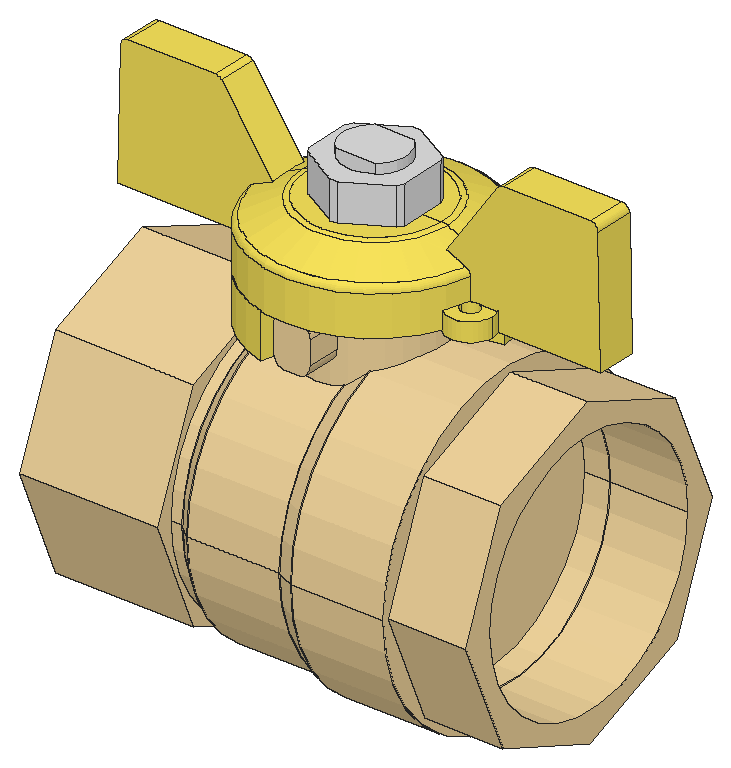
Revit family "Temper_83_КранШаровый-ВВ_Бабочка_GAS", category Арматура трубопроводов, Revit 2019
Family settings
  Размер круглого соединителя = Использовать диаметр
  Тип детали = Вставляется
  На основе рабочей плоскости = Нет
  Всегда вертикально = Да
  При загрузке вырезать с полостями = Нет
  Общий = Нет
Parameters (values of type "DN 25")
  Угол [instance] = 135.00°  # constant formula
  ТВ1 = "temper"  # constant formula
  ТВ = "ВВ"  # constant formula
  Разработчик = "https://3dbim.pro/"
  Изготовитель = "ООО «ТД «Темпер»"  # constant formula
  Длина УГО [instance] = L - S1 - S2  # 32 mm
  K [instance] = size_lookup(ТВ, "SW", 10 mm, ADSK_Диаметр условный)  # 38.25 mm
  S2 [instance] = size_lookup(ТВ1, "C", 10 mm, ADSK_Диаметр условный, N)  # 14 mm
  S1 [instance] = size_lookup(ТВ1, "C", 10 mm, ADSK_Диаметр условный, N)  # 14 mm
  N = 1  # constant formula
  L7 [instance] = size_lookup(ТВ, "L7", 10 mm, ADSK_Диаметр условный)  # 10.5 mm
  L6 [instance] = (L - L1 - L2 - L3 - L5 - L7) / 2  # 12.45 mm
  L5 [instance] = size_lookup(ТВ, "L5", 10 mm, ADSK_Диаметр условный)  # 2.5 mm
  L4 [instance] = L6  # 12.45 mm
  L3 [instance] = size_lookup(ТВ, "L3", 10 mm, ADSK_Диаметр условный)  # 1.9 mm
  L2 [instance] = size_lookup(ТВ, "L2", 10 mm, ADSK_Диаметр условный)  # 1.6 mm
  L1 [instance] = size_lookup(ТВ, "L1", 10 mm, ADSK_Диаметр условный)  # 18.6 mm
  L [instance] = size_lookup(ТВ1, "L", 10 mm, ADSK_Диаметр условный, N)  # 60 mm
  G [instance] = size_lookup(ТВ, "G", 10 mm, ADSK_Диаметр условный)  # 33.5 mm
  F [instance] = size_lookup(ТВ, "F", 10 mm, ADSK_Диаметр условный)  # 20 mm
  ET2 [instance] = 0.21 * ET  # 9.03 mm
  ET1 [instance] = if(ADSK_Диаметр условный < 25 mm, 0.43 * ET, if(ADSK_Диаметр условный < 32 mm, 0.38 * ET, 0.36 * ET))  # 16.34 mm
  ET [instance] = size_lookup(ТВ1, "B", 10 mm, ADSK_Диаметр условный, N)  # 43 mm
  E [instance] = size_lookup(ТВ, "E", 10 mm, ADSK_Диаметр условный)  # 31.25 mm
  D3 [instance] = size_lookup(ТВ, "D3", 10 mm, ADSK_Диаметр условный)  # 43 mm
  D2 [instance] = size_lookup(ТВ, "D2", 10 mm, ADSK_Диаметр условный)  # 40.5 mm
  D1 [instance] = size_lookup(ТВ, "D1", 10 mm, ADSK_Диаметр условный)  # 37.25 mm
  ADSK_Этаж [instance] = ""
  ADSK_Расход жидкости [instance] = 0.0 L/s
  ADSK_Примечание [instance] = ""
  ADSK_Потеря давления жидкости [instance] = 0.0 Pa
  ADSK_Позиция = ""
  ADSK_Обозначение = "ГОСТ Р 59553-2021"  # constant formula
  ADSK_Наименование краткое = "Кран шаровой латунный Temper"  # constant formula
  ADSK_Наименование = size_lookup(ТВ1, "ADSK_Наименование", "", ADSK_Диаметр условный, N)  # "Кран шаровый латунный Temper для газа  DN25 (1”) PN40 внутренняявнутренняя бабочка GAS"
  ADSK_Материал = Латунь ЛС59-1В
  ADSK_Масса_Текст = size_lookup(ТВ1, "ADSK_Масса_Текст", "", ADSK_Диаметр условный, N)  # "0.311"
  ADSK_Масса = size_lookup(ТВ1, "ADSK_Масса", 0, ADSK_Диаметр условный, N)  # 0.311
  ADSK_Марка = size_lookup(ТВ1, "ADSK_Код изделия", "", ADSK_Диаметр условный, N)  # "8325ВВБ140"
  ADSK_Количество = 1  # constant formula
  ADSK_Код изделия = size_lookup(ТВ1, "ADSK_Код изделия", "", ADSK_Диаметр условный, N)  # "8325ВВБ140"
  ADSK_Зона [instance] = ""
  ADSK_Завод-изготовитель = "ООО «ТД «Темпер»"  # constant formula
  ADSK_Единица измерения = "шт."  # constant formula
  ADSK_Диаметр условный = 25 mm
  ADSK_Группирование [instance] = ""
  ADSK_Версия семейства = "v1.0"  # constant formula
  ADSK_Версия Revit = "2019"  # constant formula
  ADSK_URL страницы изделия = "https://brass.temper.ru/en"
  ADSK_URL документации изделия = "https://brass.temper.ru/en"
Types (5, lengths in mm): name | Длина УГО | K | S2 | S1 | L7 | L6 | L5 | L4 | L3 | L2 | L1 | L | G | F | ET2 | ET1 | ET | E | D3 | D2 | D1 | ADSK_Наименование | ADSK_Масса_Текст | ADSK_Масса | ADSK_Марка | ADSK_Код изделия | ADSK_Диаметр условный
  (no name) | 32 | 38.25 | 14 | 14 | 10.5 | 12.45 | 2.5 | 12.45 | 1.9 | 1.6 | 18.6 | 60 | 33.5 | 20 | 9.03 | 16.34 | 43 | 31.25 | 43 | 40.5 | 37.25 | "Кран шаровый латунный Temper для газа  DN25 (1”) PN40 внутренняявнутренняя бабочка GAS" | "0.311" | 0.311 | "8325ВВБ140" | "8325ВВБ140" | 25
  DN 15 | 27 | 25.5 | 11 | 11 | 9.5 | 10.75 | 2.6 | 10.75 | 1.5 | 2 | 11.9 | 49 | 21.5 | 15.75 | 7.875 | 16.125 | 37.5 | 23.75 | 29.5 | 26.8 | 24.5 | "Кран шаровый латунный Temper для газа DN15 (12”) PN40 внутренняявнутренняя бабочка GAS" | "0.146" | 0.146 | "8315ВВБ1240" | "8315ВВБ1240" | 15
  DN 20 | 28.5 | 31.5 | 12 | 12 | 9.7 | 11.05 | 2.6 | 11.05 | 1.6 | 1.9 | 14.6 | 52.5 | 26.5 | 15.75 | 8.295 | 16.985 | 39.5 | 26.5 | 35.5 | 32.75 | 30 | "Кран шаровый латунный Temper для газа DN20 (34”) PN40 внутренняявнутренняя бабочка GAS" | "0.201" | 0.201 | "8320ВВБ3440" | "8320ВВБ3440" | 20
  DN 32 | 41 | 47.5 | 14 | 14 | 12.5 | 13.5 | 3.4 | 13.5 | 2.6 | 4.5 | 19 | 69 | 42 | 21 | 10.395 | 17.82 | 49.5 | 35.45 | 54 | 50.5 | 46.1 | "Кран шаровый латунный Temper для газа DN32 (1 14”) PN25 внутренняявнутренняя бабочка GAS" | "0.555" | 0.555 | "8332ВВБ11425" | "8332ВВБ11425" | 32
  DN 25 | 32 | 38.25 | 14 | 14 | 10.5 | 12.45 | 2.5 | 12.45 | 1.9 | 1.6 | 18.6 | 60 | 33.5 | 20 | 9.03 | 16.34 | 43 | 31.25 | 43 | 40.5 | 37.25 | "Кран шаровый латунный Temper для газа  DN25 (1”) PN40 внутренняявнутренняя бабочка GAS" | "0.311" | 0.311 | "8325ВВБ140" | "8325ВВБ140" | 25
Reference planes
  plane 1 "По центру (Вперед/Назад)": y = 0
  plane 2: z = 0
  plane 3 "По центру (Влево/Вправо)": x = 0
  plane 4: x = -31.25
  plane 5: x = 28.75
  plane 6: x = -12.65
  plane 7: x = -11.05
  plane 8: x = -9.15
  plane 9: x = 3.3
  plane 10: x = 5.8
  plane 11: x = 18.25
  plane 12: x = -17.25
  plane 13: x = 14.75
  plane 14: z = 26.66
  plane 15: z = 43
Forms (mm)
  Extrusion 1, solid, material "Латунь ЛС59-1В" <- "ADSK_Материал", detail levels fine
    sketch origin (-18.841, 0, -5.999) x (0, 1, 0) y (0, 0, 1)
      loop
        circle (0, 5.999) r 18.625
    from 6.191 to 7.791
  Extrusion 2, solid, material "Латунь ЛС59-1В" <- "ADSK_Материал", detail levels fine
    sketch origin (-18.841, -37.917, 10.096) x (0, 1, 0) y (0, 0, 1)
      loop
        circle (37.917, -10.096) r 20.25
    from 9.691 to 22.141
  Extrusion 3, solid, material "Латунь ЛС59-1В" <- "ADSK_Материал", detail levels fine
    sketch origin (-18.841, -79.208, 7.932) x (0, 1, 0) y (0, 0, 1)
      loop
        circle (79.208, -7.932) r 21.5
    from 24.641 to 37.091
  Blend 4, solid, material "Латунь ЛС59-1В" <- "ADSK_Материал", detail levels fine
    base sketch origin (-18.841, 0, -5.999) x (0, 1, 0) y (0, 0, 1)
      loop
        circle (0, 5.999) r 18.625
    top sketch origin (-18.841, 0, -5.999) x (0, 1, 0) y (0, 0, 1)
      loop
        circle (0, 5.999) r 20.25
    from 7.791 to 9.691
  Blend 5, solid, material "Латунь ЛС59-1В" <- "ADSK_Материал", detail levels fine
    base sketch origin (-18.841, -33.951, 12.82) x (0, 1, 0) y (0, 0, 1)
      loop
        circle (33.951, -12.82) r 21.5
    top sketch origin (-18.841, -33.951, 12.82) x (0, 1, 0) y (0, 0, 1)
      loop
        circle (33.951, -12.82) r 20.25
    from 24.641 to 22.141
  Extrusion 6, solid, material "Латунь ЛС59-1В" <- "ADSK_Материал", detail levels fine
    sketch origin (0, 0, 0) x (1, 0, 0) y (0, 1, 0)
      loop
        circle (0, 0) r 10
    from 0 to 26.66
  Extrusion 7, solid, material "Латунь ЛС59-1В" <- "ADSK_Материал", detail levels fine
    sketch origin (-0.106, -0.025, -0.026) x (0, 1, 0) y (0, 0, 1)
      loop
        line (-14.617, 14.659) -> (-20.675, 0.02) -> (-14.608, -14.616) -> (0.031, -20.675) -> (14.667, -14.608) -> (20.726, 0.032) -> (14.659, 14.668) -> (0.019, 20.726) -> (-14.617, 14.659)
    from -31.144 to -12.544
  Extrusion 8, solid, material "Латунь ЛС59-1В" <- "ADSK_Материал", detail levels fine
    sketch origin (87.39, -0.618, -0.151) x (0, 1, 0) y (0, 0, 1)
      loop
        line (-14.125, 14.681) -> (-20.082, 0) -> (-13.912, -14.593) -> (0.769, -20.55) -> (15.362, -14.38) -> (21.319, 0.301) -> (15.149, 14.895) -> (0.468, 20.851) -> (-14.125, 14.681)
    from -69.14 to -58.64
  Extrusion 9, void
    sketch origin (0, 0, 0) x (0, 1, 0) y (0, 0, 1)
      loop
        circle (0, 0) r 16.75
    from -31.25 to -17.25
  Extrusion 10, void
    sketch origin (0, 0, 0) x (0, 1, 0) y (0, 0, 1)
      loop
        circle (0, 0) r 16.75
    from 14.75 to 28.75
Cuts and joins
  Extrusion 9, Extrusion 10 cuts Extrusion 2
  Extrusion 9, Extrusion 10 cuts Extrusion 3
  Extrusion 9, Extrusion 10 cuts Blend 5
  Extrusion 9, Extrusion 10 cuts Extrusion 6
  Extrusion 9, Extrusion 10 cuts Extrusion 8
  Extrusion 9 cuts Extrusion 7
Dimensions and locks
  "E": plane 3 "По центру (Влево/Вправо)" to plane 4
  plane 5 to plane 3 "По центру (Влево/Вправо)" = 28.75 mm
  "S1": plane 12 to plane 4
  "S2": plane 5 to plane 13
  "L1": plane 6 to plane 4
  "L2": plane 7 to plane 6
  "L3": plane 8 to plane 7
  "L4": plane 9 to plane 8
  "L5": plane 10 to plane 9
  "L6": plane 11 to plane 10
  "L7": plane 5 to plane 11
  "K": Extrusion 7 sketch curve to Extrusion 7 sketch curve  (x4)
  equal spacing: Extrusion 7 sketch curve, plane 1 "По центру (Вперед/Назад)", Extrusion 7 sketch curve  (x4)
  "K": Extrusion 8 sketch curve to Extrusion 8 sketch curve  (x4)
  equal spacing: Extrusion 8 sketch curve, plane 1 "По центру (Вперед/Назад)", Extrusion 8 sketch curve  (x4)
  "ET": plane 15 to plane 2
  "ET1": plane 15 to plane 14
  plane 5 to plane 4 = 60 mm
  "D1": diameter of Extrusion 1 sketch curve
  "D2": diameter of Extrusion 2 sketch curve
  "D3": diameter of Extrusion 3 sketch curve
  "D1": diameter of Blend 4 sketch curve
  "D2": diameter of Blend 4 sketch curve
  "D3": diameter of Blend 5 sketch curve
  "D2": diameter of Blend 5 sketch curve
  "F": diameter of Extrusion 6 sketch curve
  "G": diameter of Extrusion 9 sketch curve
  "G": diameter of Extrusion 10 sketch curve
  angle Extrusion 7 sketch curve to Extrusion 7 sketch curve = 135.00°  (x8)
  angle Extrusion 8 sketch curve to Extrusion 8 sketch curve = 135.00°  (x8)
  aligned and locked: level to plane 2
  aligned and locked: plane 2 to Extrusion 1 sketch curve
  aligned and locked: plane 1 "По центру (Вперед/Назад)" to Extrusion 1 sketch curve
  aligned and locked: level to Blend 4 sketch curve  (x2)
  aligned and locked: plane 1 "По центру (Вперед/Назад)" to Blend 4 sketch curve  (x2)
  aligned and locked: level to Extrusion 2 sketch curve
  aligned and locked: plane 1 "По центру (Вперед/Назад)" to Extrusion 2 sketch curve
  aligned and locked: level to Blend 5 sketch curve  (x2)
  aligned and locked: plane 1 "По центру (Вперед/Назад)" to Blend 5 sketch curve  (x2)
  aligned and locked: level to Extrusion 3 sketch curve
  aligned and locked: plane 1 "По центру (Вперед/Назад)" to Extrusion 3 sketch curve
  aligned and locked: Extrusion 1 to plane 6
  aligned and locked: plane 7 to Extrusion 1
  aligned and locked: Blend 4 to plane 7
  aligned and locked: plane 8 to Blend 4
  aligned and locked: Extrusion 2 to plane 8
  aligned and locked: plane 9 to Extrusion 2
  aligned and locked: Blend 5 to plane 9
  aligned and locked: plane 10 to Blend 5
  aligned and locked: Extrusion 3 to plane 10
  aligned and locked: plane 11 to Extrusion 3
  aligned and locked: plane 1 "По центру (Вперед/Назад)" to Extrusion 6 sketch curve
  aligned and locked: plane 3 "По центру (Влево/Вправо)" to Extrusion 6 sketch curve
  aligned and locked: Extrusion 6 to level
  aligned and locked: Extrusion 7 to plane 4
  aligned and locked: plane 6 to Extrusion 7
  aligned and locked: Extrusion 8 to plane 11
  aligned and locked: plane 5 to Extrusion 8
  aligned and locked: Extrusion 9 to plane 4
  aligned and locked: plane 12 to Extrusion 9
  aligned and locked: Extrusion 10 to plane 13
  aligned and locked: plane 5 to Extrusion 10
  aligned and locked: nested 1 to plane 1 "По центру (Вперед/Назад)"
  aligned and locked: plane 14 to Extrusion 6
  aligned and locked: Extrusion 9 to cut or joined group of Extrusion 7, Extrusion 9
  aligned and locked: Extrusion 10 to cut or joined group of Extrusion 3, Extrusion 9, Extrusion 10
  aligned and locked: cut or joined group of Extrusion 8, Extrusion 9, Extrusion 10 to Extrusion 10
  aligned and locked: nested 1 to plane 12
  aligned and locked: nested 2 to plane 2
  aligned and locked: plane 12 to nested 2
  aligned and locked: plane 14 to nested 3
  aligned and locked: plane 3 "По центру (Влево/Вправо)" to nested 3
  aligned and locked: plane 1 "По центру (Вперед/Назад)" to nested 3
Automatic sketch dimensions
  Extrusion 7 sketch curve to level = 0.006 mm
  Extrusion 8 sketch curve to level = 0.151 mm
  Extrusion 9 sketch curve to level = 0 mm
  Extrusion 9 sketch curve to plane 1 "По центру (Вперед/Назад)" = 0 mm
  Extrusion 10 sketch curve to level = 0 mm
  Extrusion 10 sketch curve to plane 1 "По центру (Вперед/Назад)" = 0 mm
Nested families
  nested 1: "УГО_АТ_Кран шаровой проходной" at (-1.25, 0, 0) x (1, 0, 0) z (0, 1, 0), УГО_Длина <- "Длина УГО", type "УГО_АТ_Кран шаровой проходной", detail levels coarse+medium
    with УГО_Длина 32 mm, d 3.2 mm, a 16 mm
  nested 2: "УГО_ЭУ_Кран шаровой проходной" at (-1.25, 0, 0) x (1, 0, 0) z (0, -1, 0), УГО_Длина <- "Длина УГО", type "УГО_ЭУ_Кран шаровой проходной", detail levels coarse+medium
    with УГО_Длина 32 mm, R 3.2 mm, A 18.475 mm
  nested 3: "Вл_бабочка" at (0, 0, 26.66), Диаметр <- "ADSK_Диаметр условный", type "Желтая", detail levels fine
    with Диаметры 25 и 32 yes, Диаметры 15 и 20 no, Диаметр 25 mm
Connectors
  piping at (14.75, 0, 0), diameter 25, driven by "ADSK_Диаметр условный", driven by "ADSK_Расход жидкости", driven by "ADSK_Потеря давления жидкости"
    settings: on cut or joined group of Extrusion 3, Extrusion 9, Extrusion 10, index 1, connector inside diameter 609.6 mm, connector length 0 mm, flow factor 0, pipe flow 0.0 L/s, pressure drop 0.0 Pa, fitting loss kfactor 0, connector angle 0.00°, fixture units 0, engagement length 0 mm, angle of deflection 0.00°, flow configuration 0, flow direction 0, fitting loss method 4, system type 29, joint type 0, gender type 0, connector reference index 2, connector utility 0, adjustable connector no, is connector primary yes, connector description ""
  piping at (-17.25, 0, 0), diameter 25, driven by "ADSK_Диаметр условный", driven by "ADSK_Расход жидкости"
    settings: on cut or joined group of Extrusion 7, Extrusion 9, index 2, connector inside diameter 609.6 mm, connector length 0 mm, flow factor 0, pipe flow 0.0 L/s, pressure drop 0.0 Pa, fitting loss kfactor 0, connector angle 0.00°, fixture units 0, engagement length 0 mm, angle of deflection 0.00°, flow configuration 0, flow direction 0, fitting loss method 0, system type 29, joint type 0, gender type 0, connector reference index 1, connector utility 0, adjustable connector no, is connector primary no, connector description ""
Definition of nested family "УГО_АТ_Кран шаровой проходной"
  Parameters (values of type "УГО_АТ_Кран шаровой проходной")
    УГО_Длина [instance] = 60 mm
    d [instance] = УГО_Длина / 10  # 6 mm
    a [instance] = УГО_Длина / 2  # 30 mm
  Reference planes
    plane 1 "По центру (Вперед/Назад)": y = 0
    plane 2: z = 0
    plane 3 "По центру (Влево/Вправо)": x = 0
    plane 4: x = -30
    plane 5: x = 30
  Forms (mm)
    Extrusion 1, solid
      sketch origin (0, 0, 0) x (1, 0, 0) y (0, 0, 1)
        loop
          line (0, 0) -> (-30, 17.321) -> (-30, -17.321) -> (0, 0)
      from -0.5 to 0.5
    Extrusion 2, solid
      sketch origin (0, 0, 0) x (-1, 0, 0) y (0, 0, -1)
        loop
          line (0, 0) -> (-30, 17.321) -> (-30, -17.321) -> (0, 0)
      from -0.5 to 0.5
    Extrusion 3, solid
      sketch origin (0, 0, 0) x (1, 0, 0) y (0, 0, 1)
        loop
          circle (0, 0) r 6
      from -1 to 1
  Cuts and joins
    joined: Extrusion 1, Extrusion 2, Extrusion 3
  Dimensions and locks
    "a": plane 3 "По центру (Влево/Вправо)" to plane 4
    "a": plane 5 to plane 3 "По центру (Влево/Вправо)"
    "d": radius of Extrusion 3 sketch curve
    locked: plane 2 to Extrusion 2 sketch curve (angle 30.00°)
    locked: Extrusion 2 sketch curve to plane 2 (angle 30.00°)
    locked: Extrusion 1 sketch curve to plane 2 (angle 30.00°)
    locked: plane 2 to Extrusion 1 sketch curve (angle 30.00°)
    aligned and locked: level to plane 2
    aligned and locked: plane 3 "По центру (Влево/Вправо)" to Extrusion 3 sketch curve
    aligned and locked: plane 2 to Extrusion 3 sketch curve
  Automatic sketch dimensions
    Extrusion 1 sketch curve to plane 4 = 0 mm
    Extrusion 1 sketch curve to level = 0 mm
    Extrusion 1 sketch curve to plane 3 "По центру (Влево/Вправо)" = 0 mm
    plane 5 to Extrusion 2 sketch curve = 0 mm
    Extrusion 2 sketch curve to level = 0 mm
    Extrusion 2 sketch curve to plane 3 "По центру (Влево/Вправо)" = 0 mm
Definition of nested family "Вл_бабочка"
  Parameters (values of type "Желтая")
    Материал = none
    Диаметры 25 и 32 [instance] = or(Диаметр = 25 mm, Диаметр = 32 mm)  # yes
    Диаметры 15 и 20 [instance] = or(Диаметр = 15 mm, Диаметр = 20 mm)  # no
    Диаметр [instance] = 25 mm
  Types (2): name
    Красная
    Желтая
  Reference planes
    plane 1 "По центру (Вперед/Назад)": y = 0
    plane 2: z = 0
    plane 3 "По центру (Влево/Вправо)": x = 0
  Forms (mm)
    Revolve 1, solid, material <- "Материал", visible <- "Диаметры 15 и 20"
      sketch origin (0, 0, 0) x (1, 0, 0) y (0, 0, 1)
        loop
          line (11.2, -5) -> (11.2, 0) -> (8.506, 0) -> (8.506, -5) -> (11.2, -5)
        axis (0, 0) -> (0, -5)
      angle from 13 to 76
    Revolve 2, solid, material <- "Материал", visible <- "Диаметры 15 и 20"
      sketch origin (0, 0, 0) x (-1, 0, 0) y (0, 0, 1)
        loop
          line (11.2, -5) -> (11.2, 0) -> (8.5, 0) -> (8.5, -5) -> (11.2, -5)
        axis (0, 0) -> (0, -5)
      angle from -76 to -13
    Extrusion 3, solid, visible <- "Диаметры 15 и 20"
      sketch origin (0, 0, 0) x (1, 0, 0) y (0, 0, 1)
        loop
          arc (0.858, -5.252) -> (1.706, -4.901) -> (2.058, -4.052) r 1.2
          line (2.058, -4.052) -> (2.058, -1.792)
          arc (2.058, -1.792) -> (1.824, -1.227) -> (1.258, -0.992) r 0.8
          line (1.258, -0.992) -> (-1.258, -0.992)
          arc (-1.258, -0.992) -> (-1.824, -1.227) -> (-2.058, -1.792) r 0.8
          line (-2.058, -1.792) -> (-2.058, -4.052)
          arc (-2.058, -4.052) -> (-1.706, -4.901) -> (-0.858, -5.252) r 1.2
          line (-0.858, -5.252) -> (0.858, -5.252)
      from 0 to 10.5
    Revolve 4, solid, material <- "Материал", visible <- "Диаметры 15 и 20"
      sketch origin (0, 0, 0) x (1, 0, 0) y (0, 0, 1)
        loop
          line (-5.543, 11.707) -> (-10.907, 6.343)
          arc (-10.907, 6.343) -> (-11.124, 6.018) -> (-11.2, 5.636) r 1
          line (-11.2, 5.636) -> (-11.2, 0) -> (0, 0) -> (0, 12) -> (-4.836, 12)
          arc (-4.836, 12) -> (-5.218, 11.924) -> (-5.543, 11.707) r 1
        axis (0, 0) -> (0, 12)
      angle from 0 to 360
    Extrusion 5, solid, material <- "Материал", visible <- "Диаметры 15 и 20"
      sketch origin (0, 0, 0) x (1, 0, 0) y (0, 0, 1)
        loop
          line (26, 0) -> (25.773, 14.773)
          arc (25.773, 14.773) -> (25.325, 15.819) -> (24.273, 16.25) r 1.5
          line (24.273, 16.25) -> (16.371, 16.25)
          arc (16.371, 16.25) -> (15.797, 16.136) -> (15.311, 15.811) r 1.5
          line (15.311, 15.811) -> (1.71, 2.21) -> (1.71, 0) -> (26, 0)
        loop
          line (-26, 0) -> (-1.71, 0) -> (-1.71, 2.21) -> (-15.311, 15.811)
          arc (-15.311, 15.811) -> (-15.797, 16.136) -> (-16.371, 16.25) r 1.5
          line (-16.371, 16.25) -> (-24.273, 16.25)
          arc (-24.273, 16.25) -> (-25.325, 15.819) -> (-25.773, 14.773) r 1.5
          line (-25.773, 14.773) -> (-26, 0)
      from 2.375 to -2.375
    Extrusion 6, solid, material <- "Материал", visible <- "Диаметры 15 и 20"
      sketch origin (0, 0, 0) x (1, 0, 0) y (0, 1, 0)
        loop
          circle (0, 0) r 4.5
      from 12 to 13.27
    Extrusion 7, solid, visible <- "Диаметры 15 и 20"
      sketch origin (0, 0, 0) x (1, 0, 0) y (0, 1, 0)
        loop
          line (-2.021, 3.5) -> (-4.041, 0) -> (-2.021, -3.5) -> (2.021, -3.5) -> (4.041, 0) -> (2.021, 3.5) -> (-2.021, 3.5)
        loop
          circle (0, 0) r 2.8
      from 13.27 to 15.77
    Extrusion 8, solid, visible <- "Диаметры 15 и 20"
      sketch origin (0, 0, 0) x (1, 0, 0) y (0, 1, 0)
        loop
          circle (0, 0) r 2.8
      from 13.27 to 15.5
    Extrusion 9, solid, material <- "Материал", visible <- "Диаметры 15 и 20"
      sketch origin (0, 0, 0) x (1, 0, 0) y (0, 1, 0)
        loop
          arc (9.664, -5.661) -> (14.777, -7.992) -> (14.953, -2.375) r 3.375
          line (14.953, -2.375) -> (10.945, -2.375)
          arc (10.945, -2.375) -> (10.435, -4.069) -> (9.664, -5.661) r 11.2
        loop
          arc (14.953, 2.375) -> (14.777, 7.992) -> (9.664, 5.661) r 3.375
          arc (9.664, 5.661) -> (10.435, 4.069) -> (10.945, 2.375) r 11.2
          line (10.945, 2.375) -> (14.953, 2.375)
        loop
          circle (12.996, 5.125) r 1
        loop
          circle (12.996, -5.125) r 1
      from 0 to 2
    Extrusion 10, solid, material <- "Материал", visible <- "Диаметры 25 и 32"
      sketch origin (0, 0, 0) x (1, 0, 0) y (0, 0, 1)
        loop
          line (-32.134, 16.772) -> (-32.5, 0) -> (-6.434, 0) -> (-18.564, 17.324)
          arc (-18.564, 17.324) -> (-18.922, 17.637) -> (-19.383, 17.75) r 1
          line (-19.383, 17.75) -> (-31.134, 17.75)
          arc (-31.134, 17.75) -> (-31.834, 17.465) -> (-32.134, 16.772) r 1
        loop
          arc (32.134, 16.772) -> (31.834, 17.465) -> (31.134, 17.75) r 1
          line (31.134, 17.75) -> (19.383, 17.75)
          arc (19.383, 17.75) -> (18.922, 17.637) -> (18.564, 17.324) r 1
          line (18.564, 17.324) -> (6.434, 0) -> (32.5, 0) -> (32.134, 16.772)
      from -2.625 to 2.625
    Revolve 11, solid, material <- "Материал", visible <- "Диаметры 25 и 32"
      sketch origin (0, 0, 0) x (1, 0, 0) y (0, 0, 1)
        loop
          line (-15.1, 0) -> (0, 0) -> (0, 8.75) -> (-8.969, 8.75)
          arc (-8.969, 8.75) -> (-9.359, 8.707) -> (-9.73, 8.581) r 1.8
          line (-9.73, 8.581) -> (-14.465, 6.373)
          arc (-14.465, 6.373) -> (-14.928, 5.968) -> (-15.1, 5.377) r 1.1
          line (-15.1, 5.377) -> (-15.1, 0)
        axis (0, 0) -> (0, 8.75)
      angle from 0 to 360
    Revolve 12, solid, material <- "Материал", visible <- "Диаметры 25 и 32"
      sketch origin (0, 0, 0) x (1, 0, 0) y (0, 0, 1)
        loop
          line (15.1, -6) -> (15.1, 0) -> (11.5, 0) -> (11.5, -6) -> (15.1, -6)
        axis (0, -6) -> (0, 0)
      angle from 13 to 76
    Revolve 13, solid, material <- "Материал", visible <- "Диаметры 25 и 32"
      sketch origin (0, 0, 0) x (-1, 0, 0) y (0, 0, 1)
        loop
          line (15.1, -6) -> (15.1, 0) -> (11.5, 0) -> (11.5, -6) -> (15.1, -6)
        axis (0, -6) -> (0, 0)
      angle from -13 to -76
    Extrusion 14, solid, visible <- "Диаметры 25 и 32"
      sketch origin (0, 0, 0) x (1, 0, 0) y (0, 0, 1)
        loop
          arc (2.5, -1.6) -> (2.031, -0.469) -> (0.9, 0) r 1.6
          line (0.9, 0) -> (-0.9, 0)
          arc (-0.9, 0) -> (-2.031, -0.469) -> (-2.5, -1.6) r 1.6
          line (-2.5, -1.6) -> (-2.5, -4.7)
          arc (-2.5, -4.7) -> (-1.973, -5.973) -> (-0.7, -6.5) r 1.8
          line (-0.7, -6.5) -> (0.7, -6.5)
          arc (0.7, -6.5) -> (1.973, -5.973) -> (2.5, -4.7) r 1.8
          line (2.5, -4.7) -> (2.5, -1.6)
      from 0 to 14
    Extrusion 15, solid, visible <- "Диаметры 25 и 32"
      sketch origin (0, 0, 0) x (1, 0, 0) y (0, 1, 0)
        loop
          line (-0.604, 7.074) -> (-5.963, 3.855)
          arc (-5.963, 3.855) -> (-6.21, 3.442) -> (-6.429, 3.014) r 7.1
          line (-6.429, 3.014) -> (-6.319, -3.236)
          arc (-6.319, -3.236) -> (-6.086, -3.657) -> (-5.824, -4.06) r 7.1
          line (-5.824, -4.06) -> (-0.357, -7.091)
          arc (-0.357, -7.091) -> (0.124, -7.099) -> (0.604, -7.074) r 7.1
          line (0.604, -7.074) -> (5.963, -3.855)
          arc (5.963, -3.855) -> (6.21, -3.442) -> (6.429, -3.014) r 7.1
          line (6.429, -3.014) -> (6.319, 3.236)
          arc (6.319, 3.236) -> (6.086, 3.657) -> (5.824, 4.06) r 7.1
          line (5.824, 4.06) -> (0.357, 7.091)
          arc (0.357, 7.091) -> (-0.124, 7.099) -> (-0.604, 7.074) r 7.1
        loop
          circle (0, 0) r 4.2
      from 8.75 to 13.75
    Extrusion 16, solid, visible <- "Диаметры 25 и 32"
      sketch origin (0, 0, 0) x (1, 0, 0) y (0, 1, 0)
        loop
          line (2.66, 3.25) -> (-2.66, 3.25)
          arc (-2.66, 3.25) -> (-4.2, 0) -> (-2.66, -3.25) r 4.2
          line (-2.66, -3.25) -> (2.66, -3.25)
          arc (2.66, -3.25) -> (4.2, 0) -> (2.66, 3.25) r 4.2
      from 8.75 to 15
    Extrusion 17, solid, material <- "Материал", visible <- "Диаметры 25 и 32"
      sketch origin (0, 0, 0) x (1, 0, 0) y (0, 1, 0)
        loop
          circle (-15.906, 3.882) r 3
        loop
          circle (15.906, -3.882) r 3
        loop
          circle (-15.906, 3.882) r 1.25
        loop
          circle (15.906, -3.882) r 1.25
      from 0 to 2.5
  Cuts and joins
    joined: Revolve 4, Extrusion 5
    joined: Extrusion 10, Revolve 11
  Dimensions and locks
    aligned and locked: level to plane 2
Definition of nested family "УГО_ЭУ_Кран шаровой проходной"
  Parameters (values of type "УГО_ЭУ_Кран шаровой проходной")
    УГО_Длина [instance] = 54 mm
    R [instance] = УГО_Длина / 10  # 5.4 mm
    A [instance] = УГО_Длина / tan(60.00°)  # 31.177 mm
  Reference planes
    plane 1 "По центру (Вперед/Назад)": y = 0
    plane 2: z = 0
    plane 3 "По центру (Влево/Вправо)": x = 0
    plane 4: x = -27
    plane 5: x = 27
    plane 6: y = 15.588
    plane 7: y = -15.588
  Lines and regions (mm)
    Filled region 1, type "УГО_ЭУ_Белый", in view "Опорный уровень"
      outline origin (0, 0, 0) x (1, 0, 0) y (0, 1, 0)
        loop
          circle (0, 0) r 5.4
    Masking region 1, in view "Опорный уровень"
      outline origin (0, 0, 0) x (1, 0, 0) y (0, 1, 0)
        loop
          line (-27, 15.588) -> (-27, -15.588) -> (-4.677, -2.7)
          arc (-4.677, -2.7) -> (-5.4, 0) -> (-4.677, 2.7) r 5.4
          line (-4.677, 2.7) -> (-27, 15.588)
    Masking region 2, in view "Опорный уровень"
      outline origin (0, 0, 0) x (1, 0, 0) y (0, 1, 0)
        loop
          line (27, 15.588) -> (4.677, 2.7)
          arc (4.677, 2.7) -> (5.4, 0) -> (4.677, -2.7) r 5.4
          line (4.677, -2.7) -> (27, -15.588) -> (27, 15.588)
  Dimensions and locks
    equal spacing: plane 4, plane 3 "По центру (Влево/Вправо)", plane 5
    "УГО_Длина": plane 4 to plane 5
    equal spacing: plane 6, plane 1 "По центру (Вперед/Назад)", plane 7
    "A": plane 6 to plane 7
    "R": radius of Masking region 1 sketch curve
    "R": radius of Masking region 2 sketch curve
    "R": radius of Filled region 1 sketch curve
    locked: Masking region 1 sketch curve to plane 6 (angle 30.00°)
    locked: plane 7 to Masking region 1 sketch curve (angle 30.00°)
    locked: plane 6 to Masking region 2 sketch curve (angle 30.00°)
    locked: Masking region 2 sketch curve to plane 7 (angle 30.00°)
    aligned and locked: plane 3 "По центру (Влево/Вправо)" to Masking region 1 sketch curve
    aligned and locked: plane 1 "По центру (Вперед/Назад)" to Masking region 1 sketch curve
    aligned and locked: plane 3 "По центру (Влево/Вправо)" to Masking region 2 sketch curve
    aligned and locked: plane 1 "По центру (Вперед/Назад)" to Masking region 2 sketch curve
    aligned and locked: plane 5 to Masking region 2 sketch curve  (x2)
    aligned and locked: plane 6 to Masking region 1 sketch curve
    aligned and locked: plane 7 to Masking region 1 sketch curve
    aligned and locked: plane 4 to Masking region 1 sketch curve  (x2)
    aligned and locked: plane 6 to Masking region 2 sketch curve
    aligned and locked: plane 7 to Masking region 2 sketch curve
  Automatic sketch dimensions
    plane 1 "По центру (Вперед/Назад)" to Filled region 1 sketch curve = 0 mm
    Filled region 1 sketch curve to plane 3 "По центру (Влево/Вправо)" = 0 mm
